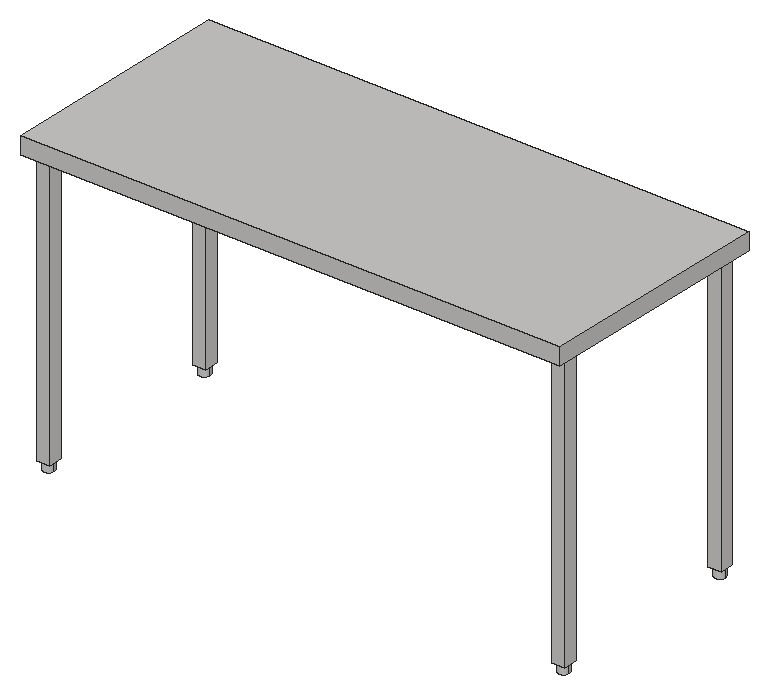
Revit family "QF_ZANUSSI_132842_WTD1607N", category Attrezzature speciali, Revit 2020
Family settings
  Quota connettore circolare = Usa diametro
  Tipo di parte = Normale
  Basato su piano di lavoro = No
  Sempre verticale = Sì
  Taglio con vuoti quando caricato = No
  Condiviso = No
  Punto di calcolo locali = No
Parameters (values of type "Standard")
  Weight = 53.00 kg
  Watts = 0 W
  Volts = 0 V
  URL Manufacturer = "http://www.zanussiprofessional.com"
  URL = "http://www.zanussiprofessional.com"
  Steam Supply Size = 0 mm
  Steam Supply Minimum Pressure = 0.0 Pa
  Steam Supply Maximum Pressure = 0.0 Pa
  Steam Consumption per Hour = 0
  Refrigeration Suction Line Size = 0.0 mm
  Refrigeration Liquid Line Size = 0.0 mm
  Refrigerant Compressor Remote = yes
  Prospetto di default = 0.0 mm
  Produttore = "Zanussi"
  Phase = 0
  Modello = "WTD1607N"
  Length Actual = 1600.0 mm  # constant formula
  Item Number = "132842"
  Hot Water Size = 0 mm
  Height Actual = 900.0 mm  # constant formula
  HP = "0 HP"
  Gas Size = 0 mm
  Gas KW = 0
  Gas Input Pressure = 0 W
  Direct Waste Size = 0 mm
  Descrizione = "WORK TABLE-DISASSEMBLED 1600MM"
  Depth Actual = 700.0 mm  # constant formula
  Cycle = 0 Hz
  Condensate Return Size = 0 mm
  Compressed Air Volume = 0.0 L/s
  Compressed Air Size = 0 mm
  Compressed Air Pressure = 0.0 Pa
  Cold Water Size = 0 mm
  Accessory = yes
Reference planes
  plane 1 "Center (Front/Back)": y = 0
  plane 2: z = 0
  plane 3 "Center (Left/Right)": x = -300
  plane 4 "LEFT": x = -1100
  plane 5 "RIGHT": x = 500
  plane 6 "BACK": y = 350
  plane 7 "FRONT": y = -350
  plane 8 "Base": z = 850
  plane 9 "TOP": z = 900
  plane 10: x = -1064.5
  plane 11: x = 464.5
  plane 12: y = 290
  plane 13: y = -290
Forms (mm)
  Extrusion 1, solid, material "QF_Finishes_Stainless Steel"
    sketch origin (-300, 0, 0) x (0, 1, 0) y (0, 0, 1)
      loop
        line (-350, 850) -> (350, 850) -> (350, 900) -> (-350, 900) -> (-350, 850)
    from 800 to -800
Lines and regions (mm)
  symbolic lines
    curve 1: line (500, 350, 900) -> (-1100, 350, 900)
    curve 2: line (-1100, 350, 900) -> (-1100, -350, 900)
    curve 3: line (-1100, -350, 900) -> (500, -350, 900)
    curve 4: line (500, -350, 900) -> (500, 350, 900)
Dimensions and locks
  plane 4 "LEFT" to plane 5 "RIGHT" = 1600.0 mm
  equal spacing: plane 4 "LEFT", plane 3 "Center (Left/Right)", plane 5 "RIGHT"
  locked: plane 8 "Base" to level at 850
  plane 4 "LEFT" to plane 10 = 35.5 mm
  plane 11 to plane 5 "RIGHT" = 35.5 mm
  plane 10 to plane 11 = 1529.0 mm
  locked: plane 9 "TOP" to level at 900
  plane 6 "BACK" to plane 12 = 60.0 mm
  plane 13 to plane 7 "FRONT" = 60.0 mm
  plane 6 "BACK" to plane 7 "FRONT" = 700.0 mm
  plane 12 to plane 13 = 580.0 mm
  equal spacing: plane 6 "BACK", plane 1 "Center (Front/Back)", plane 7 "FRONT"
  aligned and locked: level to plane 2
  aligned and locked: plane 10 to nested 1
  aligned and locked: nested 1 to plane 13
  aligned and locked: plane 11 to nested 2
  aligned and locked: nested 2 to plane 13
  aligned and locked: plane 11 to nested 4
  aligned and locked: nested 4 to plane 12
  aligned and locked: plane 10 to nested 3
  aligned and locked: nested 3 to plane 12
  aligned and locked: Extrusion 1 to plane 4 "LEFT"
  aligned and locked: plane 5 "RIGHT" to Extrusion 1
  aligned and locked: curve 2 to plane 4 "LEFT"
Automatic sketch dimensions
  Extrusion 1 sketch curve to plane 7 "FRONT" = 0.0 mm
  Extrusion 1 sketch curve to plane 8 "Base" = 0.0 mm
  curve 3 to plane 7 "FRONT" = 0.0 mm
  curve 4 to plane 6 "BACK" = 0.0 mm
  Extrusion 1 sketch curve to plane 9 "TOP" = 0.0 mm
  Extrusion 1 sketch curve to plane 6 "BACK" = 0.0 mm
  curve 4 to plane 5 "RIGHT" = 0.0 mm
Nested families
  nested 1: "FEET_40x40" at (-1064.5, -290, 0), type "FEET_40x40"
  nested 2: "FEET_40x40" at (464.5, -290, 0), type "FEET_40x40"
  nested 3: "FEET_40x40" at (-1064.5, 290, 0), type "FEET_40x40"
  nested 4: "FEET_40x40" at (464.5, 290, 0), type "FEET_40x40"
Definition of nested family "FEET_40x40"
  Parameters
    Default Elevation = 0.0 mm
    FEET = 850.0 mm
  Reference planes
    plane 1 "Center (Front/Back)": y = 0
    plane 2: z = 0
    plane 3 "Center (Left/Right)": x = 0
    plane 4: z = 850
  Forms (mm)
    Extrusion 1, solid
      sketch origin (0, 0, 0) x (1, 0, 0) y (0, 1, 0)
        loop
          line (-20, -20) -> (20, -20) -> (20, 20) -> (-20, 20) -> (-20, -20)
      from 25 to 845
    Extrusion 2, solid
      sketch origin (0, 0, 0) x (1, 0, 0) y (0, 1, 0)
        loop
          circle (0, 0) r 16
      from 0 to 25
    Extrusion 3, solid
      sketch origin (0, 0, 0) x (1, 0, 0) y (0, 1, 0)
        loop
          line (30, 30) -> (-30, 30) -> (-30, -30) -> (30, -30) -> (30, 30)
      from 845 to 850
  Lines and regions (mm)
    symbolic lines
      curve 1: line (0, -1.503, 0) -> (0, 1.508, 0)
      curve 2: line (1.561, 0, 0) -> (-1.439, 0, 0)
  Dimensions and locks
    "FEET": plane 4 to plane 2
    aligned and locked: level to plane 2
  Automatic sketch dimensions
    Extrusion 1 sketch curve to plane 3 "Center (Left/Right)" = 20.0 mm
    plane 3 "Center (Left/Right)" to Extrusion 1 sketch curve = 20.0 mm
    plane 1 "Center (Front/Back)" to Extrusion 1 sketch curve = 20.0 mm
    Extrusion 1 sketch curve to plane 1 "Center (Front/Back)" = 20.0 mm
    plane 1 "Center (Front/Back)" to Extrusion 2 sketch curve = 0.0 mm
    Extrusion 2 sketch curve to plane 3 "Center (Left/Right)" = 0.0 mm
    plane 3 "Center (Left/Right)" to Extrusion 3 sketch curve = 30.0 mm
    Extrusion 3 sketch curve to plane 1 "Center (Front/Back)" = 30.0 mm
    Extrusion 3 sketch curve to plane 3 "Center (Left/Right)" = 30.0 mm
    plane 1 "Center (Front/Back)" to Extrusion 3 sketch curve = 30.0 mm
    plane 1 "Center (Front/Back)" to curve 2 = 0.0 mm
    curve 1 to plane 3 "Center (Left/Right)" = 0.0 mm
    curve 2 to plane 3 "Center (Left/Right)" = 1.439 mm
    plane 3 "Center (Left/Right)" to curve 2 = 1.561 mm
    plane 1 "Center (Front/Back)" to curve 1 = 1.503 mm
    curve 1 to plane 1 "Center (Front/Back)" = 1.508 mm
    radius of Extrusion 2 sketch curve = 16.0 mm
